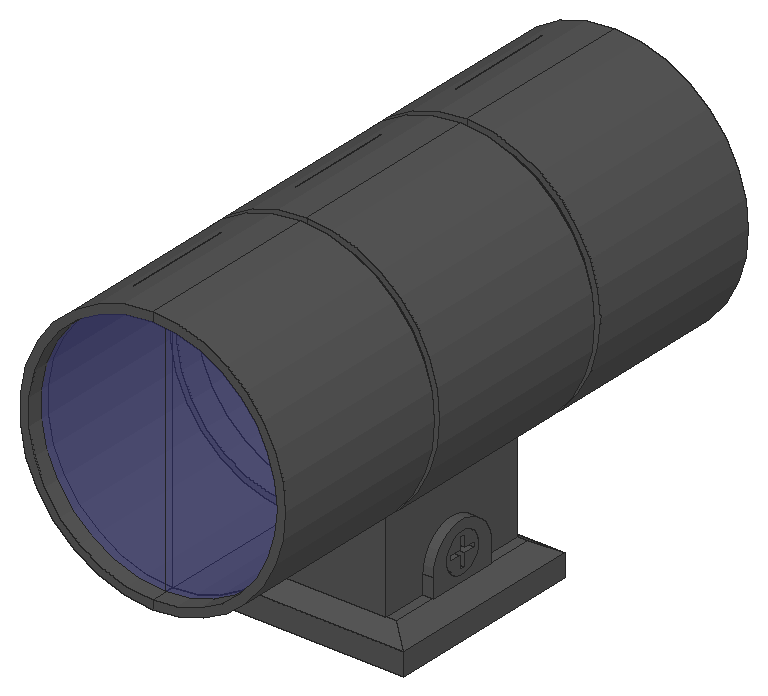
Revit family "CARLO CYLINDER LIGHT WALL MOUNT", category Lighting Fixtures, host Face, Revit 2020 (continued)
Types (10): name | Wattage_Input | Wattage Comments | Wattage | Photometric Web File | built-in parameter 1150142 | Model | built-in parameter 1150105 | Lumens | Light Length 1 | LIGHT RADIUS | LIGHT PLACEMENT | LIGHT LENGTH | LIGHT DIA | built-in parameter 1150106 | FIXED END HEIGHT | Curve base Height | Base Curve | BEAMING ANGLE | Apparent Load
    571.99 581.33 592.33 605.28 \r\n 620.49 638.21 659.03 683.14 712.03 745.85 788.79 847.54 914.67 984.1 \r\n 1058.5 1135.5 1224.3 1334.8 1463 1609.2 1770.6 1944.7 2130.4 2327.1 \r\n 2530.4 2735.7 2942.7 3149.5 3355.6 3560.1 3762.7 3965.2 4160.2 4339.4 \r\n 4507.2 4665.7 4812.8 4948 5069.2 5173.6 5263.3 5338.9 5403.2 5459.5 \r\n 5509.6 \r\n5444.5 5439.9 5380.1 5312.9 5233.2 5135.2 5022.9 4898.8 4762 4612.4 \r\n 4449.5 4271.9 4082.4 3881.6 3674.9 3467.6 3260.2 3055.4 2851.1 2645.9 \r\n 2441.2 2235.2 2036.4 1853.1 1684.7 1533.7 1398.1 1277.4 1170 1074.4 \r\n 990.84 919.72 858.99 807 762.81 725.09 693.28 666.72 644.39 625.11 \r\n 608.71 594.72 582.81 572.57 563.8 556.2 549.54 543.47 538.01 533.08 \r\n 528.64 524.77 521.12 517.25 513.58 510.61 507.72 504.21 500.87 498.59 \r\n 496.49 493.71 491.12 489.58 488.2 486.33 484.09 481.43 478.17 474.86 \r\n 469.17 458.88 444.21 424.14 400.2 373.36 344.21 313.34 281.7 250.59 \r\n 219.52 187.94 157.32 128.72 102.77 79.83 61.697 51.475 45.587 41.716 \r\n 39.189 36.433 33.834 31.217 28.686 26.211 24.018 22.428 21.116 19.846 \r\n 18.668 17.556 16.495 15.46 14.449 13.445 12.471 11.547 10.673 9.8716 \r\n 9.1019 8.3134 7.5571 6.8702 6.2443 5.685 5.1869 4.7462 4.3634 4.0465 \r\n 3.7699 3.5064 3.2682 3.06 2.877 2.7185 2.5768 2.4433 2.32 2.2063 \r\n 2.1014 2.0047 1.9153 1.8326 1.7559 1.6849 1.6174 1.5505 1.4853 1.4218 \r\n 1.3603 1.3013 1.2439 1.1872 1.1316 1.0771 1.0243 0.97488 0.92587 0.87272 \r\n 0.82137 0.77877 0.7374 0.68984 0.64278 0.60185 0.56278 0.52161 0.48308 0.45321 \r\n 0.4242 0.38776 0.35147 0.32095 0.29378 0.27141 0.24779 0.21708 0.18614 0.16203 \r\n 0.13826 0.1108 0.079388 0.036014 0 0 0 0 0 0 \r\n 0 0 0 0 0 0 0 0.040896 0.089542 0.12319 \r\n 0.15154 0.17555 0.19878 0.22676 0.25446 0.27737 0.29951 0.32558 0.35623 0.39655 \r\n 0.43783 0.46975 0.50217 0.54422 0.58768 0.62485 0.66324 0.71015 0.75848 0.80131 \r\n 0.8454 0.89727 0.9507 1.0002 1.05 1.1031 1.1578 1.2129 1.2689 1.3255 \r\n 1.384 1.4455 1.5096 1.5763 1.6448 1.7131 1.7843 1.8605 1.9429 2.0337 \r\n 2.1321 2.2378 2.3514 2.4728 2.604 2.7441 2.9013 3.0819 3.2901 3.5358 \r\n 3.808 4.09 4.4101 4.7907 5.2333 5.7537 6.3315 6.9452 7.6134 8.3604 \r\n 9.1482 9.9381 10.756 11.612 12.519 13.511 14.534 15.528 16.553 17.662 \r\n 18.823 19.989 21.263 22.672 24.391 26.744 29.307 31.693 34.114 36.597 \r\n 39.3 41.555 45.857 54.595 67.422 85.275 106.68 130.24 156.69 187.11 \r\n 219.18 250.84 282.48 314.14 344.88 373.94 400.72 424.65 444.88 460.16 \r\n 471.07 476.95 480.33 483.76 486.58 488.97 491.03 492.73 494.6 497.41 \r\n 500.36 502.61 505.03 508.48 512.12 515.16 518.28 522.06 526.09 530.08 \r\n 534.29 538.89 543.91 549.35 555.46 562.36 570.33 579.55 590.35 602.98 \r\n 617.8 635.02 655.29 678.84 707 740.31 781.3 833.7 894.39 960.9 \r\n 1035 1116 1208.8 1318.4 1444 1586.7 1744.7 1917 2102.4 2301.6 \r\n 2507.5 2712.5 2918.3 3123.8 3329.3 3534.9 3739.4 3943.9 4141.4 4324.5 \r\n 4496 4656.2 4804.3 4939.9 5062.1 5169.8 5263 5340 5405.1 5462.5 \r\n 5509.6 \r\n5444.5 5461 5402.8 5337 5258.8 5162.6 5052 4929.1 4793.3 4644.5 \r\n 4482.8 4308.1 4121.4 3921.9 3715.9 3509.8 3303.2 3098.4 2893.9 2689.3 \r\n 2484.7 2276.9 2075.9 1891 1720.4 1565.7 1426.4 1303.4 1194.5 1097.9 \r\n 1013.1 939.24 875.41 820.66 774.11 734.91 702.04 674.52 651.43 631.62 \r\n 614.78 600.31 587.96 577.36 568.26 560.36 553.47 547.29 541.77 536.78 \r\n 532.26 528.2 524.35 520.3 516.52 513.56 510.7 507.11 503.69 501.38 \r\n 499.25 496.4 493.73 492.16 490.78 488.94 486.75 484.16 480.97 477.74 \r\n 472.06 461.53 446.63 426.56 402.66 375.75 346.49 315.45 283.58 252.12 \r\n 220.68 188.74 157.88 129.4 103.7 81.126 63.122 52.19 45.527 41.53 \r\n 39.093 36.439 33.974 31.496 29.058 26.539 24.253 22.583 21.207 19.932 \r\n 18.761 17.627 16.543 15.509 14.504 13.494 12.515 11.597 10.73 9.9262 \r\n 9.1514 8.358 7.5994 6.9197 6.2995 5.7323 5.2243 4.7811 4.3974 4.0774 \r\n 3.7973 3.5306 3.2899 3.0812 2.8983 2.7398 2.5983 2.4655 2.3426 2.2283 \r\n 2.1225 2.0247 1.9345 1.8514 1.7744 1.7028 1.6341 1.565 1.4979 1.4346 \r\n 1.3737 1.3149 1.2576 1.201 1.1455 1.0907 1.0373 0.98695 0.9371 0.88414 \r\n 0.83317 0.79049 0.7488 0.70027 0.65275 0.61382 0.57639 0.5334 0.49241 0.46199 \r\n 0.43208 0.39186 0.35216 0.32187 0.29603 0.27455 0.25167 0.22194 0.19171 0.16761 \r\n 0.14348 0.11557 0.083289 0.037883 0 0 0 0 0 0 \r\n 0 0 0 0 0 0 0 0.037883 0.083289 0.11557 \r\n 0.14348 0.16761 0.19171 0.22194 0.25167 0.27455 0.29603 0.32187 0.35216 0.39186 \r\n 0.43208 0.46199 0.49241 0.5334 0.57639 0.61382 0.65275 0.70027 0.7488 0.79049 \r\n 0.83317 0.88414 0.9371 0.98695 1.0373 1.0907 1.1455 1.201 1.2576 1.3149 \r\n 1.3737 1.4346 1.4979 1.565 1.6341 1.7028 1.7744 1.8514 1.9345 2.0247 \r\n 2.1225 2.2283 2.3426 2.4655 2.5983 2.7398 2.8983 3.0812 3.2899 3.5306 \r\n 3.7973 4.0774 4.3974 4.7811 5.2243 5.7323 6.2995 6.9197 7.5994 8.358 \r\n 9.1514 9.9262 10.73 11.597 12.515 13.494 14.504 15.509 16.543 17.627 \r\n 18.761 19.932 21.207 22.583 24.254 26.539 29.058 31.496 33.974 36.439 \r\n 39.093 41.53 45.527 52.19 63.122 81.126 103.7 129.4 157.88 188.74 \r\n 220.68 252.12 283.58 315.45 346.49 375.75 402.66 426.56 446.63 461.53 \r\n 472.06 477.74 480.97 484.16 486.75 488.94 490.78 492.16 493.73 496.4 \r\n 499.25 501.38 503.69 507.11 510.7 513.56 516.52 520.3 524.35 528.2 \r\n 532.26 536.78 541.77 547.29 553.47 560.36 568.26 577.36 587.96 600.31 \r\n 614.78 631.62 651.43 674.52 702.04 734.91 774.11 820.66 875.41 939.24 \r\n 1013.1 1097.9 1194.5 1303.4 1426.4 1565.7 1720.4 1891 2075.9 2276.9 \r\n 2484.7 2689.3 2893.9 3098.4 3303.2 3509.8 3715.9 3921.9 4121.4 4308.1 \r\n 4482.8 4644.5 4793.3 4929.1 5052 5162.6 5258.8 5337 5402.8 5461 \r\n 5509.6 \r\n5444.5 5462.5 5405.1 5340 5263 5169.8 5062.1 4939.9 4804.3 4656.2 \r\n 4496 4324.5 4141.4 3943.9 3739.4 3534.9 3329.3 3123.8 2918.3 2712.5 \r\n 2507.5 2301.6 2102.4 1917 1744.7 1586.7 1444 1318.4 1208.8 1116 \r\n 1035 960.9 894.39 833.7 781.3 740.31 707 678.84 655.29 635.02 \r\n 617.8 602.98 590.35 579.55 570.33 562.36 555.46 549.35 543.91 538.89 \r\n 534.29 530.08 526.09 522.06 518.28 515.16 512.12 508.48 505.03 502.61 \r\n 500.36 497.41 494.6 492.73 491.03 488.97 486.58 483.76 480.33 476.95 \r\n 471.07 460.16 444.88 424.65 400.72 373.94 344.88 314.14 282.48 250.84 \r\n 219.18 187.11 156.69 130.24 106.68 85.275 67.422 54.595 45.857 41.555 \r\n 39.3 36.597 34.114 31.693 29.307 26.744 24.391 22.672 21.263 19.989 \r\n 18.823 17.662 16.553 15.528 14.534 13.511 12.519 11.612 10.756 9.9381 \r\n 9.1482 8.3604 7.6134 6.9452 6.3315 5.7537 5.2333 4.7907 4.4101 4.09 \r\n 3.808 3.5358 3.2901 3.0819 2.9013 2.7441 2.604 2.4728 2.3514 2.2378 \r\n 2.1321 2.0337 1.9429 1.8605 1.7843 1.7131 1.6448 1.5763 1.5096 1.4455 \r\n 1.384 1.3255 1.2689 1.2129 1.1578 1.1031 1.05 1.0002 0.9507 0.89727 \r\n 0.8454 0.80131 0.75848 0.71015 0.66324 0.62485 0.58768 0.54422 0.50217 0.46975 \r\n 0.43783 0.39655 0.35623 0.32558 0.29951 0.27737 0.25446 0.22676 0.19878 0.17555 \r\n 0.15154 0.12319 0.089542 0.040896 0 0 0 0 0 0 \r\n 0 0 0 0 0 0 0 0.036014 0.079388 0.1108 \r\n 0.13826 0.16203 0.18614 0.21708 0.24779 0.27141 0.29378 0.32095 0.35147 0.38776 \r\n 0.4242 0.45321 0.48308 0.52161 0.56278 0.60185 0.64278 0.68984 0.7374 0.77877 \r\n 0.82137 0.87272 0.92587 0.97488 1.0243 1.0771 1.1316 1.1872 1.2439 1.3013 \r\n 1.3603 1.4218 1.4853 1.5505 1.6174 1.6849 1.7559 1.8326 1.9153 2.0047 \r\n 2.1014 2.2063 2.32 2.4433 2.5768 2.7185 2.877 3.06 3.2682 3.5064 \r\n 3.7699 4.0465 4.3634 4.7462 5.1869 5.685 6.2443 6.8702 7.5571 8.3134 \r\n 9.1019 9.8716 10.673 11.547 12.471 13.445 14.449 15.46 16.495 17.556 \r\n 18.668 19.846 21.116 22.428 24.018 26.211 28.686 31.217 33.834 36.433 \r\n 39.189 41.716 45.587 51.475 61.697 79.83 102.77 128.72 157.32 187.94 \r\n 219.52 250.59 281.7 313.34 344.21 373.36 400.2 424.14 444.21 458.88 \r\n 469.17 474.86 478.17 481.43 484.09 486.33 488.2 489.58 491.12 493.71 \r\n 496.49 498.59 500.87 504.21 507.72 510.61 513.58 517.25 521.12 524.77 \r\n 528.64 533.08 538.01 543.47 549.54 556.2 563.8 572.57 582.81 594.72 \r\n 608.71 625.11 644.39 666.72 693.28 725.09 762.81 807 858.99 919.72 \r\n 990.84 1074.4 1170 1277.4 1398.1 1533.7 1684.7 1853.1 2036.4 2235.2 \r\n 2441.2 2645.9 2851.1 3055.4 3260.2 3467.6 3674.9 3881.6 4082.4 4271.9 \r\n 4449.5 4612.4 4762 4898.8 5022.9 5135.2 5233.2 5312.9 5380.1 5439.9 \r\n 5509.6 \r\n5444.5 5459.5 5403.2 5338.9 5263.3 5173.6 5069.2 4948 4812.8 4665.7 \r\n 4507.2 4339.4 4160.2 3965.2 3762.7 3560.1 3355.6 3149.5 2942.7 2735.7 \r\n 2530.4 2327.1 2130.3 1944.7 1770.6 1609.2 1463 1334.8 1224.3 1135.5 \r\n 1058.5 984.1 914.67 847.54 788.79 745.85 712.03 683.14 659.03 638.21 \r\n 620.49 605.28 592.33 581.33 571.99 563.97 557.07 551.05 545.68 540.64 \r\n 535.97 531.63 527.54 523.58 519.84 516.53 513.29 509.63 506.16 503.61 \r\n 501.2 498.15 495.18 492.96 490.88 488.56 485.92 482.8 479.09 475.5 \r\n 469.42 458.26 442.78 422.49 398.62 372.07 343.33 313.01 281.65 249.89 \r\n 218.09 185.97 156.1 131.83 110.56 90.324 72.522 57.526 46.438 41.753 \r\n 39.662 36.87 34.332 31.943 29.593 26.991 24.578 22.807 21.356 20.074 \r\n 18.904 17.715 16.583 15.563 14.578 13.541 12.536 11.641 10.795 9.9597 \r\n 9.1525 8.3718 7.638 6.9798 6.3707 5.7819 5.2488 4.8058 4.4272 4.1058 \r\n 3.8209 3.5423 3.2911 3.0828 2.9039 2.7475 2.6083 2.4785 2.3584 2.2454 \r\n 2.1398 2.0408 1.9495 1.8677 1.7923 1.7216 1.6539 1.5866 1.5206 1.4557 \r\n 1.3932 1.3351 1.2792 1.2237 1.1691 1.1148 1.062 1.0129 0.96393 0.91006 \r\n 0.85722 0.81151 0.76738 0.71939 0.67321 0.63505 0.59787 0.55433 0.51164 0.47709 \r\n 0.44311 0.40157 0.3614 0.33036 0.30372 0.28047 0.25722 0.2317 0.20621 0.18391 \r\n 0.16005 0.13145 0.096555 0.044309 0 0 0 0 0 0 \r\n 0 0 0 0 0 0 0 0.035089 0.077388 0.1081 \r\n 0.13507 0.15852 0.18259 0.21391 0.24533 0.26999 0.2937 0.32247 0.35328 0.38577 \r\n 0.41808 0.44652 0.47628 0.51233 0.55159 0.59246 0.63552 0.68191 0.72835 0.76972 \r\n 0.81266 0.86458 0.91799 0.96607 1.0143 1.0665 1.1206 1.1762 1.233 1.2904 \r\n 1.3494 1.4118 1.4755 1.5385 1.6028 1.669 1.7392 1.8155 1.8977 1.9862 \r\n 2.082 2.1858 2.2987 2.4225 2.5566 2.6984 2.8568 3.0399 3.2479 3.4847 \r\n 3.7462 4.0204 4.3349 4.7167 5.1553 5.6451 6.1982 6.8304 7.5241 8.2761 \r\n 9.0587 9.827 10.63 11.509 12.438 13.409 14.41 15.426 16.462 17.503 \r\n 18.595 19.785 21.053 22.304 23.814 25.913 28.343 30.974 33.746 36.508 \r\n 39.4 42.001 45.847 51.465 61.455 79.745 102.87 128.75 157.14 187.44 \r\n 218.63 249.31 280.05 311.36 341.94 370.87 397.55 421.44 441.43 455.75 \r\n 465.73 471.44 474.88 478.27 481.06 483.41 485.38 486.84 488.41 490.95 \r\n 493.66 495.77 498.05 501.29 504.72 507.67 510.68 514.21 517.88 521.31 \r\n 524.99 529.33 534.2 539.56 545.48 551.88 559.15 567.59 577.45 588.93 \r\n 602.48 618.5 637.31 658.91 684.55 715.3 751.75 794.42 844.51 902.65 \r\n 971.13 1052.8 1146.6 1252 1370.3 1502.3 1649.8 1816.2 1997.5 2193.2 \r\n 2396.8 2601.5 2807.5 3011.9 3217 3425.2 3633.4 3840.6 4042.3 4234.2 \r\n 4414.3 4578.1 4728.4 4866.2 4991.4 5105 5204.3 5285.3 5353.9 5415.2 \r\n 5509.6 \r\n5444.5 5453.7 5398.8 5335.6 5261.8 5175.8 5075.2 4955.4 4821.2 4675.5 \r\n 4519.2 4355.2 4180.1 3988.2 3788.2 3587.8 3384.6 3178 2970.2 2762.1 \r\n 2556.5 2356.1 2162.1 1976 1799.9 1635.2 1485.5 1354.4 1242.7 1157.2 \r\n 1083.5 1008.4 935.81 862.25 797.2 752.17 717.65 687.86 663.04 641.51 \r\n 623.17 607.46 594.14 582.91 573.42 565.32 558.41 552.44 547.14 542.07 \r\n 537.34 532.9 528.74 524.87 521.21 517.73 514.3 510.63 507.16 504.46 \r\n 501.88 498.73 495.61 493.02 490.53 487.92 485.01 481.58 477.57 473.75 \r\n 467.52 456.29 440.83 420.63 396.95 370.74 342.4 312.54 281.54 249.75 \r\n 217.89 185.8 156.49 134.28 115.11 95.876 77.976 60.747 47.273 42.152 \r\n 40.179 37.267 34.653 32.272 29.943 27.307 24.843 23.009 21.502 20.196 \r\n 19.012 17.796 16.641 15.621 14.64 13.59 12.575 11.689 10.851 9.9979 \r\n 9.173 8.3998 7.6791 7.0277 6.4201 5.8208 5.276 4.8308 4.4518 4.1272 \r\n 3.8378 3.5525 3.2955 3.0863 2.9079 2.7513 2.6122 2.4832 2.3639 2.2511 \r\n 2.1454 2.0459 1.9541 1.8727 1.7979 1.7277 1.6606 1.5945 1.5295 1.4636 \r\n 1.4001 1.3422 1.287 1.232 1.1779 1.1241 1.0718 1.0234 0.97482 0.92066 \r\n 0.86701 0.81971 0.77425 0.72662 0.68115 0.64293 0.6056 0.56236 0.51952 0.48299 \r\n 0.44716 0.40611 0.36676 0.33537 0.30798 0.28331 0.25949 0.23612 0.21315 0.19171 \r\n 0.16801 0.13947 0.10362 0.047786 0 0 0 0 0 0 \r\n 0 0 0 0 0 0 0.000000 0.035315 0.077723 0.10799 \r\n 0.13447 0.15776 0.18188 0.21334 0.24528 0.27119 0.29656 0.32696 0.3581 0.38685 \r\n 0.41521 0.44347 0.47352 0.50741 0.54496 0.58759 0.63265 0.67824 0.72354 0.76526 \r\n 0.80891 0.8615 0.9152 0.96243 1.0095 1.0611 1.1148 1.1703 1.2272 1.2844 \r\n 1.3435 1.4068 1.4707 1.5314 1.5931 1.6581 1.7275 1.8032 1.885 1.9726 \r\n 2.0674 2.1701 2.2823 2.4063 2.541 2.6828 2.8412 3.0244 3.2323 3.4687 \r\n 3.7295 4.0026 4.3157 4.6968 5.1336 5.6174 6.1664 6.8051 7.5051 8.2521 \r\n 9.029 9.7994 10.607 11.491 12.424 13.393 14.392 15.413 16.451 17.475 \r\n 18.55 19.754 21.024 22.218 23.652 25.659 28.045 30.776 33.706 36.638 \r\n 39.684 42.34 46.258 52.107 62.334 80.786 103.93 129.56 157.58 187.51 \r\n 218.32 248.66 279.05 309.97 340.19 368.83 395.26 419 438.8 452.66 \r\n 462.24 467.96 471.56 475.11 478.07 480.56 482.64 484.24 485.91 488.41 \r\n 491.05 493.2 495.52 498.66 502 505.03 508.1 511.48 514.93 518.15 \r\n 521.65 525.89 530.67 535.91 541.65 547.77 554.72 562.83 572.33 583.41 \r\n 596.54 612.24 630.63 651.56 676.37 706.13 741.5 783.25 832.18 888.46 \r\n 954.75 1034.1 1125.5 1228.5 1344.2 1472.8 1617 1781.4 1960.8 2153 \r\n 2353.6 2558.3 2765.2 2970 3175.6 3384.6 3593.6 3801.2 4003.7 4197.5 \r\n 4379.5 4544.2 4695.1 4833.9 4960.1 5074.5 5174.8 5257 5326.9 5389.5 \r\n 5509.6 \r\n5444.5 5446.9 5393.8 5332.2 5260.5 5178.6 5082 4964.4 4831.8 4688 \r\n 4534.2 4374.4 4203.6 4015.3 3818.4 3620.5 3418.8 3212.2 3003.6 2794.7 \r\n 2589.1 2391.4 2199.9 2013.1 1834.7 1666.8 1513.5 1379.2 1265.6 1181.7 \r\n 1109.8 1033.2 957.34 877.9 807.16 759.93 724.39 693.47 667.7 645.26 \r\n 626.14 609.81 596.02 584.47 574.78 566.55 559.57 553.61 548.31 543.21 \r\n 538.42 533.92 529.74 525.98 522.42 518.81 515.22 511.57 508.11 505.27 \r\n 502.5 499.26 496 493.06 490.18 487.29 484.13 480.38 476.1 472.07 \r\n 465.76 454.71 439.55 419.64 396.3 370.52 342.64 313.25 282.61 250.87 \r\n 219.04 187.07 158.27 137.7 120.12 101.53 83.341 64.024 48.365 42.78 \r\n 40.848 37.798 35.098 32.704 30.383 27.722 25.213 23.3 21.714 20.366 \r\n 19.154 17.911 16.736 15.71 14.725 13.666 12.643 11.764 10.931 10.06 \r\n 9.2184 8.4522 7.7425 7.0931 6.4829 5.8747 5.3198 4.8698 4.4869 4.1563 \r\n 3.8605 3.5687 3.3062 3.0946 2.915 2.7568 2.6164 2.4873 2.3682 2.2549 \r\n 2.1487 2.0486 1.9565 1.8749 1.8003 1.7303 1.6637 1.5989 1.5347 1.468 \r\n 1.4033 1.3456 1.2908 1.2363 1.1826 1.1294 1.0777 1.0297 0.98139 0.92721 \r\n 0.87316 0.82452 0.77787 0.73048 0.68551 0.64704 0.6095 0.56696 0.52451 0.48643 \r\n 0.44924 0.40935 0.3714 0.33981 0.31159 0.28536 0.26079 0.23936 0.21873 0.19796 \r\n 0.1744 0.14632 0.11003 0.050992 0 0 0 0 0 0 \r\n 0 0 0 0 0 0 0.0010498 0.03749 0.080825 0.11093 \r\n 0.13703 0.16043 0.18478 0.21626 0.24858 0.27592 0.30309 0.33499 0.3664 0.39199 \r\n 0.41707 0.44556 0.47631 0.50871 0.54506 0.5892 0.63587 0.68061 0.7249 0.76729 \r\n 0.81196 0.86525 0.91925 0.96583 1.0121 1.0631 1.1165 1.1718 1.2287 1.2858 \r\n 1.3449 1.4088 1.4729 1.5316 1.5909 1.6549 1.7236 1.7989 1.8802 1.967 \r\n 2.061 2.1626 2.274 2.3982 2.5332 2.6751 2.8334 3.0168 3.2249 3.4619 \r\n 3.7233 3.9969 4.3101 4.6905 5.1261 5.6067 6.1541 6.7989 7.5046 8.2475 \r\n 9.0203 9.7961 10.61 11.498 12.434 13.402 14.402 15.429 16.469 17.477 \r\n 18.54 19.759 21.034 22.177 23.543 25.464 27.808 30.632 33.709 36.799 \r\n 39.999 42.685 46.773 53.345 64.272 82.864 105.89 131.2 158.82 188.43 \r\n 218.94 249.01 279.11 309.65 339.47 367.76 393.89 417.36 436.84 450.11 \r\n 459.19 464.88 468.64 472.36 475.51 478.12 480.33 482.12 483.93 486.4 \r\n 488.98 491.2 493.56 496.6 499.85 502.97 506.11 509.34 512.59 515.63 \r\n 518.96 523.1 527.77 532.85 538.39 544.25 550.9 558.71 567.89 578.6 \r\n 591.36 606.77 624.8 645.15 669.24 698.12 732.63 773.85 822.18 877.57 \r\n 942.48 1019.6 1108.3 1208.2 1320.8 1446.3 1587.8 1750.3 1927.7 2116.3 \r\n 2314 2518.5 2726.2 2931.6 3138 3347.8 3557.6 3765.8 3968.9 4164.2 \r\n 4347.7 4513.2 4664.6 4804.4 4931.5 5046.4 5147.3 5230.5 5301.6 5365.3 \r\n 5509.6 \r\n5444.5 5444.3 5394.3 5335.6 5267.1 5189 5096.5 4982.8 4854 4713.2 \r\n 4562.4 4406.8 4240.6 4056.9 3864.1 3669.1 3469.4 3263.7 3055.7 2847.3 \r\n 2642.3 2445.8 2254.7
